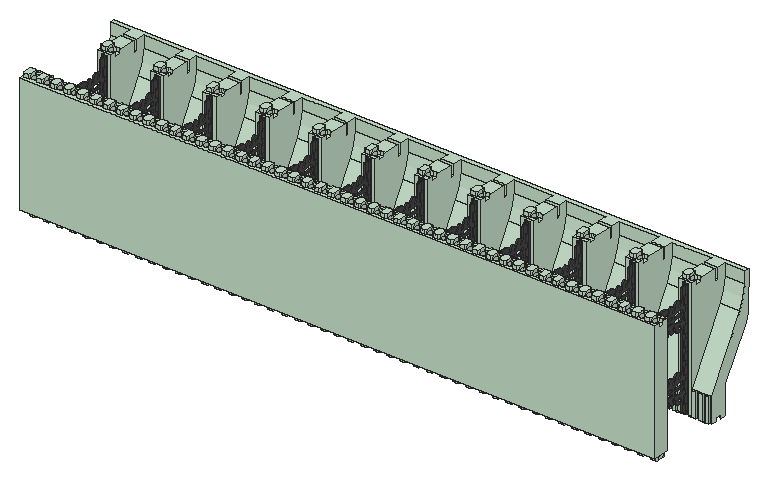
Revit family "ICF- NUDURA 8-inch- Brick Ledge Form Unit- Imperial", category Generic Models, Revit 2011
Parameters (values of type "Standard 6" Form Unit")
  Core Thickness = 0' - 6"
Reference planes (in)
  plane 1 "Center (Front/Back)": y = -1
  plane 2: z = 0
  plane 3 "Center (Left/Right)": x = 0
  plane 4: x = 96
  plane 5: y = 3
  plane 6: y = -5
  plane 7: y = 5.625
  plane 8: y = -7.625
  plane 9: z = 18
  plane 10: z = 18.5
  plane 11: z = -0.5
Forms (in)
  Extrusion 1, solid, material "NUDURA Expanded Polystyrene Foam Insulation"
    sketch origin (0, -2, 0) x (1, 0, 0) y (0, 1, 0)
      loop
        line (0.28117, -3.25) -> (0, -3.25) -> (0, -5.625) -> (96, -5.625) -> (96, -3.25) -> (95.71883, -3.25) -> (95.78117, -3) -> (95.21883, -3) -> (95.28117, -3.25) -> (94.71883, -3.25) -> (94.78117, -3) -> (94.21883, -3) -> (94.28117, -3.25) -> (93.71883, -3.25) -> (93.78117, -3) -> (93.21883, -3) -> (93.28117, -3.25) -> (90.71883, -3.25) -> (90.78117, -3) -> (90.21883, -3) -> (90.28117, -3.25) -> (89.71883, -3.25) -> (89.78117, -3) -> (89.21883, -3) -> (89.28117, -3.25) -> (88.71883, -3.25) -> (88.78117, -3) -> (88.21883, -3) -> (88.28117, -3.25) -> (87.71883, -3.25) -> (87.78117, -3) -> (87.21883, -3) -> (87.28117, -3.25) -> (86.71883, -3.25) -> (86.78117, -3) -> (86.21883, -3) -> (86.28117, -3.25) -> (85.71883, -3.25) -> (85.78117, -3) -> (85.21883, -3) -> (85.28117, -3.25) -> (82.71883, -3.25) -> (82.78117, -3) -> (82.21883, -3) -> (82.28117, -3.25) -> (81.71883, -3.25) -> (81.78117, -3) -> (81.21883, -3) -> (81.28117, -3.25) -> (80.71883, -3.25) -> (80.78117, -3) -> (80.21883, -3) -> (80.28117, -3.25) -> (79.71883, -3.25) -> (79.78117, -3) -> (79.21883, -3) -> (79.28117, -3.25) -> (78.71883, -3.25) -> (78.78117, -3) -> (78.21883, -3) -> (78.28117, -3.25) -> (77.71883, -3.25) -> (77.78117, -3) -> (77.21883, -3) -> (77.28117, -3.25) -> (74.71883, -3.25) -> (74.78117, -3) -> (74.21883, -3) -> (74.28117, -3.25) -> (73.71883, -3.25) -> (73.78117, -3) -> (73.21883, -3) -> (73.28117, -3.25) -> (72.71883, -3.25) -> (72.78117, -3) -> (72.21883, -3) -> (72.28117, -3.25) -> (71.71883, -3.25) -> (71.78117, -3) -> (71.21883, -3) -> (71.28117, -3.25) -> (70.71883, -3.25) -> (70.78117, -3) -> (70.21883, -3) -> (70.28117, -3.25) -> (69.71883, -3.25) -> (69.78117, -3) -> (69.21883, -3) -> (69.28117, -3.25) -> (66.71883, -3.25) -> (66.78117, -3) -> (66.21883, -3) -> (66.28117, -3.25) -> (65.71883, -3.25) -> (65.78117, -3) -> (65.21883, -3) -> (65.28117, -3.25) -> (64.71883, -3.25) -> (64.78117, -3) -> (64.21883, -3) -> (64.28117, -3.25) -> (63.71883, -3.25) -> (63.78117, -3) -> (63.21883, -3) -> (63.28117, -3.25) -> (62.71883, -3.25) -> (62.78117, -3) -> (62.21883, -3) -> (62.28117, -3.25) -> (61.71883, -3.25) -> (61.78117, -3) -> (61.21883, -3) -> (61.28117, -3.25) -> (58.71883, -3.25) -> (58.78117, -3) -> (58.21883, -3) -> (58.28117, -3.25) -> (57.71883, -3.25) -> (57.78117, -3) -> (57.21883, -3) -> (57.28117, -3.25) -> (56.71883, -3.25) -> (56.78117, -3) -> (56.21883, -3) -> (56.28117, -3.25) -> (55.71883, -3.25) -> (55.78117, -3) -> (55.21883, -3) -> (55.28117, -3.25) -> (54.71883, -3.25) -> (54.78117, -3) -> (54.21883, -3) -> (54.28117, -3.25) -> (53.71883, -3.25) -> (53.78117, -3) -> (53.21883, -3) -> (53.28117, -3.25) -> (50.71883, -3.25) -> (50.78117, -3) -> (50.21883, -3) -> (50.28117, -3.25) -> (49.71883, -3.25) -> (49.78117, -3) -> (49.21883, -3) -> (49.28117, -3.25) -> (48.71883, -3.25) -> (48.78117, -3) -> (48.21883, -3) -> (48.28117, -3.25) -> (47.71883, -3.25) -> (47.78117, -3) -> (47.21883, -3) -> (47.28117, -3.25) -> (46.71883, -3.25) -> (46.78117, -3) -> (46.21883, -3) -> (46.28117, -3.25) -> (45.71883, -3.25) -> (45.78117, -3) -> (45.21883, -3) -> (45.28117, -3.25) -> (42.71883, -3.25) -> (42.78117, -3) -> (42.21883, -3) -> (42.28117, -3.25) -> (41.71883, -3.25) -> (41.78117, -3) -> (41.21883, -3) -> (41.28117, -3.25) -> (40.71883, -3.25) -> (40.78117, -3) -> (40.21883, -3) -> (40.28117, -3.25) -> (39.71883, -3.25) -> (39.78117, -3) -> (39.21883, -3) -> (39.28117, -3.25) -> (38.71883, -3.25) -> (38.78117, -3) -> (38.21883, -3) -> (38.28117, -3.25) -> (37.71883, -3.25) -> (37.78117, -3) -> (37.21883, -3) -> (37.28117, -3.25) -> (34.71883, -3.25) -> (34.78117, -3) -> (34.21883, -3) -> (34.28117, -3.25) -> (33.71883, -3.25) -> (33.78117, -3) -> (33.21883, -3) -> (33.28117, -3.25) -> (32.71883, -3.25) -> (32.78117, -3) -> (32.21883, -3) -> (32.28117, -3.25) -> (31.71883, -3.25) -> (31.78117, -3) -> (31.21883, -3) -> (31.28117, -3.25) -> (30.71883, -3.25) -> (30.78117, -3) -> (30.21883, -3) -> (30.28117, -3.25) -> (29.71883, -3.25) -> (29.78117, -3) -> (29.21883, -3) -> (29.28117, -3.25) -> (26.71883, -3.25) -> (26.78117, -3) -> (26.21883, -3) -> (26.28117, -3.25) -> (25.71883, -3.25) -> (25.78117, -3) -> (25.21883, -3) -> (25.28117, -3.25) -> (24.71883, -3.25) -> (24.78117, -3) -> (24.21883, -3) -> (24.28117, -3.25) -> (23.71883, -3.25) -> (23.78117, -3) -> (23.21883, -3) -> (23.28117, -3.25) -> (22.71883, -3.25) -> (22.78117, -3) -> (22.21883, -3) -> (22.28117, -3.25) -> (21.71883, -3.25) -> (21.78117, -3) -> (21.21883, -3) -> (21.28117, -3.25) -> (18.71883, -3.25) -> (18.78117, -3) -> (18.21883, -3) -> (18.28117, -3.25) -> (17.71883, -3.25) -> (17.78117, -3) -> (17.21883, -3) -> (17.28117, -3.25) -> (16.71883, -3.25) -> (16.78117, -3) -> (16.21883, -3) -> (16.28117, -3.25) -> (15.71883, -3.25) -> (15.78117, -3) -> (15.21883, -3) -> (15.28117, -3.25) -> (14.71883, -3.25) -> (14.78117, -3) -> (14.21883, -3) -> (14.28117, -3.25) -> (13.71883, -3.25) -> (13.78117, -3) -> (13.21883, -3) -> (13.28117, -3.25) -> (10.71883, -3.25) -> (10.78117, -3) -> (10.21883, -3) -> (10.28117, -3.25) -> (9.71883, -3.25) -> (9.78117, -3) -> (9.21883, -3) -> (9.28117, -3.25) -> (8.71883, -3.25) -> (8.78117, -3) -> (8.21883, -3) -> (8.28117, -3.25) -> (7.71883, -3.25) -> (7.78117, -3) -> (7.21883, -3) -> (7.28117, -3.25) -> (6.71883, -3.25) -> (6.78117, -3) -> (6.21883, -3) -> (6.28117, -3.25) -> (5.71883, -3.25) -> (5.78117, -3) -> (5.21883, -3) -> (5.28117, -3.25) -> (2.71883, -3.25) -> (2.78117, -3) -> (2.21883, -3) -> (2.28117, -3.25) -> (1.71883, -3.25) -> (1.78117, -3) -> (1.21883, -3) -> (1.28117, -3.25) -> (0.71883, -3.25) -> (0.78117, -3) -> (0.21883, -3) -> (0.28117, -3.25)
    from 0 to 18
  Extrusion 2, void
    sketch origin (0, -2, 0) x (1, 0, 0) y (0, 1, 0)
      loop
        arc (1, -4.89808) -> (1.04785, -5.04517) -> (1.17308, -5.13595) r 0.25
        arc (1.17308, -5.13595) -> (1.5, -5.1875) -> (1.82692, -5.13595) r 1.0625
        arc (1.82692, -5.13595) -> (1.95215, -5.04517) -> (2, -4.89808) r 0.25
        line (2, -4.89808) -> (2, -3.97692)
        arc (2, -3.97692) -> (1.98276, -3.88568) -> (1.9334, -3.80702) r 0.25
        arc (1.9334, -3.80702) -> (1.92106, -3.78736) -> (1.91675, -3.76455) r 0.0625
        line (1.91675, -3.76455) -> (1.91675, -3.41845) -> (1.74592, -3.41845) -> (1.74592, -3.64005)
        arc (1.74592, -3.64005) -> (1.72385, -3.68771) -> (1.67323, -3.70172) r 0.0625
        arc (1.67323, -3.70172) -> (1.42092, -3.69045) -> (1.17308, -3.73905) r 1.0625
        arc (1.17308, -3.73905) -> (1.04785, -3.82983) -> (1, -3.97692) r 0.25
        line (1, -3.97692) -> (1, -4.89808)
    from 18 to 17.5
  Extrusion 3, void
    sketch origin (2, -2, 0) x (1, 0, 0) y (0, 1, 0)
      loop
        arc (1, -4.89808) -> (1.04785, -5.04517) -> (1.17308, -5.13595) r 0.25
        arc (1.17308, -5.13595) -> (1.5, -5.1875) -> (1.82692, -5.13595) r 1.0625
        arc (1.82692, -5.13595) -> (1.95215, -5.04517) -> (2, -4.89808) r 0.25
        line (2, -4.89808) -> (2, -3.97692)
        arc (2, -3.97692) -> (1.98276, -3.88568) -> (1.9334, -3.80702) r 0.25
        arc (1.9334, -3.80702) -> (1.92106, -3.78736) -> (1.91675, -3.76455) r 0.0625
        line (1.91675, -3.76455) -> (1.91675, -3.41845) -> (1.74592, -3.41845) -> (1.74592, -3.64005)
        arc (1.74592, -3.64005) -> (1.72385, -3.68771) -> (1.67323, -3.70172) r 0.0625
        arc (1.67323, -3.70172) -> (1.42092, -3.69045) -> (1.17308, -3.73905) r 1.0625
        arc (1.17308, -3.73905) -> (1.04785, -3.82983) -> (1, -3.97692) r 0.25
        line (1, -3.97692) -> (1, -4.89808)
    from 18 to 17.5
  Extrusion 4, void
    sketch origin (4, -2, 0) x (1, 0, 0) y (0, 1, 0)
      loop
        arc (1, -4.89808) -> (1.04785, -5.04517) -> (1.17308, -5.13595) r 0.25
        arc (1.17308, -5.13595) -> (1.5, -5.1875) -> (1.82692, -5.13595) r 1.0625
        arc (1.82692, -5.13595) -> (1.95215, -5.04517) -> (2, -4.89808) r 0.25
        line (2, -4.89808) -> (2, -3.97692)
        arc (2, -3.97692) -> (1.98276, -3.88568) -> (1.9334, -3.80702) r 0.25
        arc (1.9334, -3.80702) -> (1.92106, -3.78736) -> (1.91675, -3.76455) r 0.0625
        line (1.91675, -3.76455) -> (1.91675, -3.41845) -> (1.74592, -3.41845) -> (1.74592, -3.64005)
        arc (1.74592, -3.64005) -> (1.72385, -3.68771) -> (1.67323, -3.70172) r 0.0625
        arc (1.67323, -3.70172) -> (1.42092, -3.69045) -> (1.17308, -3.73905) r 1.0625
        arc (1.17308, -3.73905) -> (1.04785, -3.82983) -> (1, -3.97692) r 0.25
        line (1, -3.97692) -> (1, -4.89808)
    from 18 to 17.5
  Extrusion 5, void
    sketch origin (6, -2, 0) x (1, 0, 0) y (0, 1, 0)
      loop
        arc (1, -4.89808) -> (1.04785, -5.04517) -> (1.17308, -5.13595) r 0.25
        arc (1.17308, -5.13595) -> (1.5, -5.1875) -> (1.82692, -5.13595) r 1.0625
        arc (1.82692, -5.13595) -> (1.95215, -5.04517) -> (2, -4.89808) r 0.25
        line (2, -4.89808) -> (2, -3.97692)
        arc (2, -3.97692) -> (1.98276, -3.88568) -> (1.9334, -3.80702) r 0.25
        arc (1.9334, -3.80702) -> (1.92106, -3.78736) -> (1.91675, -3.76455) r 0.0625
        line (1.91675, -3.76455) -> (1.91675, -3.41845) -> (1.74592, -3.41845) -> (1.74592, -3.64005)
        arc (1.74592, -3.64005) -> (1.72385, -3.68771) -> (1.67323, -3.70172) r 0.0625
        arc (1.67323, -3.70172) -> (1.42092, -3.69045) -> (1.17308, -3.73905) r 1.0625
        arc (1.17308, -3.73905) -> (1.04785, -3.82983) -> (1, -3.97692) r 0.25
        line (1, -3.97692) -> (1, -4.89808)
    from 18 to 17.5
  Extrusion 6, void
    sketch origin (8, -2, 0) x (1, 0, 0) y (0, 1, 0)
      loop
        arc (1, -4.89808) -> (1.04785, -5.04517) -> (1.17308, -5.13595) r 0.25
        arc (1.17308, -5.13595) -> (1.5, -5.1875) -> (1.82692, -5.13595) r 1.0625
        arc (1.82692, -5.13595) -> (1.95215, -5.04517) -> (2, -4.89808) r 0.25
        line (2, -4.89808) -> (2, -3.97692)
        arc (2, -3.97692) -> (1.98276, -3.88568) -> (1.9334, -3.80702) r 0.25
        arc (1.9334, -3.80702) -> (1.92106, -3.78736) -> (1.91675, -3.76455) r 0.0625
        line (1.91675, -3.76455) -> (1.91675, -3.41845) -> (1.74592, -3.41845) -> (1.74592, -3.64005)
        arc (1.74592, -3.64005) -> (1.72385, -3.68771) -> (1.67323, -3.70172) r 0.0625
        arc (1.67323, -3.70172) -> (1.42092, -3.69045) -> (1.17308, -3.73905) r 1.0625
        arc (1.17308, -3.73905) -> (1.04785, -3.82983) -> (1, -3.97692) r 0.25
        line (1, -3.97692) -> (1, -4.89808)
    from 18 to 17.5
  Extrusion 7, void
    sketch origin (10, -2, 0) x (1, 0, 0) y (0, 1, 0)
      loop
        arc (1, -4.89808) -> (1.04785, -5.04517) -> (1.17308, -5.13595) r 0.25
        arc (1.17308, -5.13595) -> (1.5, -5.1875) -> (1.82692, -5.13595) r 1.0625
        arc (1.82692, -5.13595) -> (1.95215, -5.04517) -> (2, -4.89808) r 0.25
        line (2, -4.89808) -> (2, -3.97692)
        arc (2, -3.97692) -> (1.98276, -3.88568) -> (1.9334, -3.80702) r 0.25
        arc (1.9334, -3.80702) -> (1.92106, -3.78736) -> (1.91675, -3.76455) r 0.0625
        line (1.91675, -3.76455) -> (1.91675, -3.41845) -> (1.74592, -3.41845) -> (1.74592, -3.64005)
        arc (1.74592, -3.64005) -> (1.72385, -3.68771) -> (1.67323, -3.70172) r 0.0625
        arc (1.67323, -3.70172) -> (1.42092, -3.69045) -> (1.17308, -3.73905) r 1.0625
        arc (1.17308, -3.73905) -> (1.04785, -3.82983) -> (1, -3.97692) r 0.25
        line (1, -3.97692) -> (1, -4.89808)
    from 18 to 17.5
  Extrusion 8, void
    sketch origin (12, -2, 0) x (1, 0, 0) y (0, 1, 0)
      loop
        arc (1, -4.89808) -> (1.04785, -5.04517) -> (1.17308, -5.13595) r 0.25
        arc (1.17308, -5.13595) -> (1.5, -5.1875) -> (1.82692, -5.13595) r 1.0625
        arc (1.82692, -5.13595) -> (1.95215, -5.04517) -> (2, -4.89808) r 0.25
        line (2, -4.89808) -> (2, -3.97692)
        arc (2, -3.97692) -> (1.98276, -3.88568) -> (1.9334, -3.80702) r 0.25
        arc (1.9334, -3.80702) -> (1.92106, -3.78736) -> (1.91675, -3.76455) r 0.0625
        line (1.91675, -3.76455) -> (1.91675, -3.41845) -> (1.74592, -3.41845) -> (1.74592, -3.64005)
        arc (1.74592, -3.64005) -> (1.72385, -3.68771) -> (1.67323, -3.70172) r 0.0625
        arc (1.67323, -3.70172) -> (1.42092, -3.69045) -> (1.17308, -3.73905) r 1.0625
        arc (1.17308, -3.73905) -> (1.04785, -3.82983) -> (1, -3.97692) r 0.25
        line (1, -3.97692) -> (1, -4.89808)
    from 18 to 17.5
  Extrusion 9, void
    sketch origin (14, -2, 0) x (1, 0, 0) y (0, 1, 0)
      loop
        arc (1, -4.89808) -> (1.04785, -5.04517) -> (1.17308, -5.13595) r 0.25
        arc (1.17308, -5.13595) -> (1.5, -5.1875) -> (1.82692, -5.13595) r 1.0625
        arc (1.82692, -5.13595) -> (1.95215, -5.04517) -> (2, -4.89808) r 0.25
        line (2, -4.89808) -> (2, -3.97692)
        arc (2, -3.97692) -> (1.98276, -3.88568) -> (1.9334, -3.80702) r 0.25
        arc (1.9334, -3.80702) -> (1.92106, -3.78736) -> (1.91675, -3.76455) r 0.0625
        line (1.91675, -3.76455) -> (1.91675, -3.41845) -> (1.74592, -3.41845) -> (1.74592, -3.64005)
        arc (1.74592, -3.64005) -> (1.72385, -3.68771) -> (1.67323, -3.70172) r 0.0625
        arc (1.67323, -3.70172) -> (1.42092, -3.69045) -> (1.17308, -3.73905) r 1.0625
        arc (1.17308, -3.73905) -> (1.04785, -3.82983) -> (1, -3.97692) r 0.25
        line (1, -3.97692) -> (1, -4.89808)
    from 18 to 17.5
  Extrusion 10, void
    sketch origin (16, -2, 0) x (1, 0, 0) y (0, 1, 0)
      loop
        arc (1, -4.89808) -> (1.04785, -5.04517) -> (1.17308, -5.13595) r 0.25
        arc (1.17308, -5.13595) -> (1.5, -5.1875) -> (1.82692, -5.13595) r 1.0625
        arc (1.82692, -5.13595) -> (1.95215, -5.04517) -> (2, -4.89808) r 0.25
        line (2, -4.89808) -> (2, -3.97692)
        arc (2, -3.97692) -> (1.98276, -3.88568) -> (1.9334, -3.80702) r 0.25
        arc (1.9334, -3.80702) -> (1.92106, -3.78736) -> (1.91675, -3.76455) r 0.0625
        line (1.91675, -3.76455) -> (1.91675, -3.41845) -> (1.74592, -3.41845) -> (1.74592, -3.64005)
        arc (1.74592, -3.64005) -> (1.72385, -3.68771) -> (1.67323, -3.70172) r 0.0625
        arc (1.67323, -3.70172) -> (1.42092, -3.69045) -> (1.17308, -3.73905) r 1.0625
        arc (1.17308, -3.73905) -> (1.04785, -3.82983) -> (1, -3.97692) r 0.25
        line (1, -3.97692) -> (1, -4.89808)
    from 18 to 17.5
  Extrusion 11, void
    sketch origin (18, -2, 0) x (1, 0, 0) y (0, 1, 0)
      loop
        arc (1, -4.89808) -> (1.04785, -5.04517) -> (1.17308, -5.13595) r 0.25
        arc (1.17308, -5.13595) -> (1.5, -5.1875) -> (1.82692, -5.13595) r 1.0625
        arc (1.82692, -5.13595) -> (1.95215, -5.04517) -> (2, -4.89808) r 0.25
        line (2, -4.89808) -> (2, -3.97692)
        arc (2, -3.97692) -> (1.98276, -3.88568) -> (1.9334, -3.80702) r 0.25
        arc (1.9334, -3.80702) -> (1.92106, -3.78736) -> (1.91675, -3.76455) r 0.0625
        line (1.91675, -3.76455) -> (1.91675, -3.41845) -> (1.74592, -3.41845) -> (1.74592, -3.64005)
        arc (1.74592, -3.64005) -> (1.72385, -3.68771) -> (1.67323, -3.70172) r 0.0625
        arc (1.67323, -3.70172) -> (1.42092, -3.69045) -> (1.17308, -3.73905) r 1.0625
        arc (1.17308, -3.73905) -> (1.04785, -3.82983) -> (1, -3.97692) r 0.25
        line (1, -3.97692) -> (1, -4.89808)
    from 18 to 17.5
  Extrusion 12, void
    sketch origin (20, -2, 0) x (1, 0, 0) y (0, 1, 0)
      loop
        arc (1, -4.89808) -> (1.04785, -5.04517) -> (1.17308, -5.13595) r 0.25
        arc (1.17308, -5.13595) -> (1.5, -5.1875) -> (1.82692, -5.13595) r 1.0625
        arc (1.82692, -5.13595) -> (1.95215, -5.04517) -> (2, -4.89808) r 0.25
        line (2, -4.89808) -> (2, -3.97692)
        arc (2, -3.97692) -> (1.98276, -3.88568) -> (1.9334, -3.80702) r 0.25
        arc (1.9334, -3.80702) -> (1.92106, -3.78736) -> (1.91675, -3.76455) r 0.0625
        line (1.91675, -3.76455) -> (1.91675, -3.41845) -> (1.74592, -3.41845) -> (1.74592, -3.64005)
        arc (1.74592, -3.64005) -> (1.72385, -3.68771) -> (1.67323, -3.70172) r 0.0625
        arc (1.67323, -3.70172) -> (1.42092, -3.69045) -> (1.17308, -3.73905) r 1.0625
        arc (1.17308, -3.73905) -> (1.04785, -3.82983) -> (1, -3.97692) r 0.25
        line (1, -3.97692) -> (1, -4.89808)
    from 18 to 17.5
  Extrusion 13, void
    sketch origin (22, -2, 0) x (1, 0, 0) y (0, 1, 0)
      loop
        arc (1, -4.89808) -> (1.04785, -5.04517) -> (1.17308, -5.13595) r 0.25
        arc (1.17308, -5.13595) -> (1.5, -5.1875) -> (1.82692, -5.13595) r 1.0625
        arc (1.82692, -5.13595) -> (1.95215, -5.04517) -> (2, -4.89808) r 0.25
        line (2, -4.89808) -> (2, -3.97692)
        arc (2, -3.97692) -> (1.98276, -3.88568) -> (1.9334, -3.80702) r 0.25
        arc (1.9334, -3.80702) -> (1.92106, -3.78736) -> (1.91675, -3.76455) r 0.0625
        line (1.91675, -3.76455) -> (1.91675, -3.41845) -> (1.74592, -3.41845) -> (1.74592, -3.64005)
        arc (1.74592, -3.64005) -> (1.72385, -3.68771) -> (1.67323, -3.70172) r 0.0625
        arc (1.67323, -3.70172) -> (1.42092, -3.69045) -> (1.17308, -3.73905) r 1.0625
        arc (1.17308, -3.73905) -> (1.04785, -3.82983) -> (1, -3.97692) r 0.25
        line (1, -3.97692) -> (1, -4.89808)
    from 18 to 17.5
  Extrusion 14, void
    sketch origin (24, -2, 0) x (1, 0, 0) y (0, 1, 0)
      loop
        arc (1, -4.89808) -> (1.04785, -5.04517) -> (1.17308, -5.13595) r 0.25
        arc (1.17308, -5.13595) -> (1.5, -5.1875) -> (1.82692, -5.13595) r 1.0625
        arc (1.82692, -5.13595) -> (1.95215, -5.04517) -> (2, -4.89808) r 0.25
        line (2, -4.89808) -> (2, -3.97692)
        arc (2, -3.97692) -> (1.98276, -3.88568) -> (1.9334, -3.80702) r 0.25
        arc (1.9334, -3.80702) -> (1.92106, -3.78736) -> (1.91675, -3.76455) r 0.0625
        line (1.91675, -3.76455) -> (1.91675, -3.41845) -> (1.74592, -3.41845) -> (1.74592, -3.64005)
        arc (1.74592, -3.64005) -> (1.72385, -3.68771) -> (1.67323, -3.70172) r 0.0625
        arc (1.67323, -3.70172) -> (1.42092, -3.69045) -> (1.17308, -3.73905) r 1.0625
        arc (1.17308, -3.73905) -> (1.04785, -3.82983) -> (1, -3.97692) r 0.25
        line (1, -3.97692) -> (1, -4.89808)
    from 18 to 17.5
  Extrusion 15, void
    sketch origin (26, -2, 0) x (1, 0, 0) y (0, 1, 0)
      loop
        arc (1, -4.89808) -> (1.04785, -5.04517) -> (1.17308, -5.13595) r 0.25
        arc (1.17308, -5.13595) -> (1.5, -5.1875) -> (1.82692, -5.13595) r 1.0625
        arc (1.82692, -5.13595) -> (1.95215, -5.04517) -> (2, -4.89808) r 0.25
        line (2, -4.89808) -> (2, -3.97692)
        arc (2, -3.97692) -> (1.98276, -3.88568) -> (1.9334, -3.80702) r 0.25
        arc (1.9334, -3.80702) -> (1.92106, -3.78736) -> (1.91675, -3.76455) r 0.0625
        line (1.91675, -3.76455) -> (1.91675, -3.41845) -> (1.74592, -3.41845) -> (1.74592, -3.64005)
        arc (1.74592, -3.64005) -> (1.72385, -3.68771) -> (1.67323, -3.70172) r 0.0625
        arc (1.67323, -3.70172) -> (1.42092, -3.69045) -> (1.17308, -3.73905) r 1.0625
        arc (1.17308, -3.73905) -> (1.04785, -3.82983) -> (1, -3.97692) r 0.25
        line (1, -3.97692) -> (1, -4.89808)
    from 18 to 17.5
  Extrusion 16, void
    sketch origin (28, -2, 0) x (1, 0, 0) y (0, 1, 0)
      loop
        arc (1, -4.89808) -> (1.04785, -5.04517) -> (1.17308, -5.13595) r 0.25
        arc (1.17308, -5.13595) -> (1.5, -5.1875) -> (1.82692, -5.13595) r 1.0625
        arc (1.82692, -5.13595) -> (1.95215, -5.04517) -> (2, -4.89808) r 0.25
        line (2, -4.89808) -> (2, -3.97692)
        arc (2, -3.97692) -> (1.98276, -3.88568) -> (1.9334, -3.80702) r 0.25
        arc (1.9334, -3.80702) -> (1.92106, -3.78736) -> (1.91675, -3.76455) r 0.0625
        line (1.91675, -3.76455) -> (1.91675, -3.41845) -> (1.74592, -3.41845) -> (1.74592, -3.64005)
        arc (1.74592, -3.64005) -> (1.72385, -3.68771) -> (1.67323, -3.70172) r 0.0625
        arc (1.67323, -3.70172) -> (1.42092, -3.69045) -> (1.17308, -3.73905) r 1.0625
        arc (1.17308, -3.73905) -> (1.04785, -3.82983) -> (1, -3.97692) r 0.25
        line (1, -3.97692) -> (1, -4.89808)
    from 18 to 17.5
  Extrusion 17, void
    sketch origin (30, -2, 0) x (1, 0, 0) y (0, 1, 0)
      loop
        arc (1, -4.89808) -> (1.04785, -5.04517) -> (1.17308, -5.13595) r 0.25
        arc (1.17308, -5.13595) -> (1.5, -5.1875) -> (1.82692, -5.13595) r 1.0625
        arc (1.82692, -5.13595) -> (1.95215, -5.04517) -> (2, -4.89808) r 0.25
        line (2, -4.89808) -> (2, -3.97692)
        arc (2, -3.97692) -> (1.98276, -3.88568) -> (1.9334, -3.80702) r 0.25
        arc (1.9334, -3.80702) -> (1.92106, -3.78736) -> (1.91675, -3.76455) r 0.0625
        line (1.91675, -3.76455) -> (1.91675, -3.41845) -> (1.74592, -3.41845) -> (1.74592, -3.64005)
        arc (1.74592, -3.64005) -> (1.72385, -3.68771) -> (1.67323, -3.70172) r 0.0625
        arc (1.67323, -3.70172) -> (1.42092, -3.69045) -> (1.17308, -3.73905) r 1.0625
        arc (1.17308, -3.73905) -> (1.04785, -3.82983) -> (1, -3.97692) r 0.25
        line (1, -3.97692) -> (1, -4.89808)
    from 18 to 17.5
  Extrusion 18, void
    sketch origin (32, -2, 0) x (1, 0, 0) y (0, 1, 0)
      loop
        arc (1, -4.89808) -> (1.04785, -5.04517) -> (1.17308, -5.13595) r 0.25
        arc (1.17308, -5.13595) -> (1.5, -5.1875) -> (1.82692, -5.13595) r 1.0625
        arc (1.82692, -5.13595) -> (1.95215, -5.04517) -> (2, -4.89808) r 0.25
        line (2, -4.89808) -> (2, -3.97692)
        arc (2, -3.97692) -> (1.98276, -3.88568) -> (1.9334, -3.80702) r 0.25
        arc (1.9334, -3.80702) -> (1.92106, -3.78736) -> (1.91675, -3.76455) r 0.0625
        line (1.91675, -3.76455) -> (1.91675, -3.41845) -> (1.74592, -3.41845) -> (1.74592, -3.64005)
        arc (1.74592, -3.64005) -> (1.72385, -3.68771) -> (1.67323, -3.70172) r 0.0625
        arc (1.67323, -3.70172) -> (1.42092, -3.69045) -> (1.17308, -3.73905) r 1.0625
        arc (1.17308, -3.73905) -> (1.04785, -3.82983) -> (1, -3.97692) r 0.25
        line (1, -3.97692) -> (1, -4.89808)
    from 18 to 17.5
  Extrusion 19, void
    sketch origin (34, -2, 0) x (1, 0, 0) y (0, 1, 0)
      loop
        arc (1, -4.89808) -> (1.04785, -5.04517) -> (1.17308, -5.13595) r 0.25
        arc (1.17308, -5.13595) -> (1.5, -5.1875) -> (1.82692, -5.13595) r 1.0625
        arc (1.82692, -5.13595) -> (1.95215, -5.04517) -> (2, -4.89808) r 0.25
        line (2, -4.89808) -> (2, -3.97692)
        arc (2, -3.97692) -> (1.98276, -3.88568) -> (1.9334, -3.80702) r 0.25
        arc (1.9334, -3.80702) -> (1.92106, -3.78736) -> (1.91675, -3.76455) r 0.0625
        line (1.91675, -3.76455) -> (1.91675, -3.41845) -> (1.74592, -3.41845) -> (1.74592, -3.64005)
        arc (1.74592, -3.64005) -> (1.72385, -3.68771) -> (1.67323, -3.70172) r 0.0625
        arc (1.67323, -3.70172) -> (1.42092, -3.69045) -> (1.17308, -3.73905) r 1.0625
        arc (1.17308, -3.73905) -> (1.04785, -3.82983) -> (1, -3.97692) r 0.25
        line (1, -3.97692) -> (1, -4.89808)
    from 18 to 17.5
  Extrusion 20, void
    sketch origin (36, -2, 0) x (1, 0, 0) y (0, 1, 0)
      loop
        arc (1, -4.89808) -> (1.04785, -5.04517) -> (1.17308, -5.13595) r 0.25
        arc (1.17308, -5.13595) -> (1.5, -5.1875) -> (1.82692, -5.13595) r 1.0625
        arc (1.82692, -5.13595) -> (1.95215, -5.04517) -> (2, -4.89808) r 0.25
        line (2, -4.89808) -> (2, -3.97692)
        arc (2, -3.97692) -> (1.98276, -3.88568) -> (1.9334, -3.80702) r 0.25
        arc (1.9334, -3.80702) -> (1.92106, -3.78736) -> (1.91675, -3.76455) r 0.0625
        line (1.91675, -3.76455) -> (1.91675, -3.41845) -> (1.74592, -3.41845) -> (1.74592, -3.64005)
        arc (1.74592, -3.64005) -> (1.72385, -3.68771) -> (1.67323, -3.70172) r 0.0625
        arc (1.67323, -3.70172) -> (1.42092, -3.69045) -> (1.17308, -3.73905) r 1.0625
        arc (1.17308, -3.73905) -> (1.04785, -3.82983) -> (1, -3.97692) r 0.25
        line (1, -3.97692) -> (1, -4.89808)
    from 18 to 17.5
  Extrusion 21, void
    sketch origin (38, -2, 0) x (1, 0, 0) y (0, 1, 0)
      loop
        arc (1, -4.89808) -> (1.04785, -5.04517) -> (1.17308, -5.13595) r 0.25
        arc (1.17308, -5.13595) -> (1.5, -5.1875) -> (1.82692, -5.13595) r 1.0625
        arc (1.82692, -5.13595) -> (1.95215, -5.04517) -> (2, -4.89808) r 0.25
        line (2, -4.89808) -> (2, -3.97692)
        arc (2, -3.97692) -> (1.98276, -3.88568) -> (1.9334, -3.80702) r 0.25
        arc (1.9334, -3.80702) -> (1.92106, -3.78736) -> (1.91675, -3.76455) r 0.0625
        line (1.91675, -3.76455) -> (1.91675, -3.41845) -> (1.74592, -3.41845) -> (1.74592, -3.64005)
        arc (1.74592, -3.64005) -> (1.72385, -3.68771) -> (1.67323, -3.70172) r 0.0625
        arc (1.67323, -3.70172) -> (1.42092, -3.69045) -> (1.17308, -3.73905) r 1.0625
        arc (1.17308, -3.73905) -> (1.04785, -3.82983) -> (1, -3.97692) r 0.25
        line (1, -3.97692) -> (1, -4.89808)
    from 18 to 17.5
  Extrusion 22, void
    sketch origin (40, -2, 0) x (1, 0, 0) y (0, 1, 0)
      loop
        arc (1, -4.89808) -> (1.04785, -5.04517) -> (1.17308, -5.13595) r 0.25
        arc (1.17308, -5.13595) -> (1.5, -5.1875) -> (1.82692, -5.13595) r 1.0625
        arc (1.82692, -5.13595) -> (1.95215, -5.04517) -> (2, -4.89808) r 0.25
        line (2, -4.89808) -> (2, -3.97692)
        arc (2, -3.97692) -> (1.98276, -3.88568) -> (1.9334, -3.80702) r 0.25
        arc (1.9334, -3.80702) -> (1.92106, -3.78736) -> (1.91675, -3.76455) r 0.0625
        line (1.91675, -3.76455) -> (1.91675, -3.41845) -> (1.74592, -3.41845) -> (1.74592, -3.64005)
        arc (1.74592, -3.64005) -> (1.72385, -3.68771) -> (1.67323, -3.70172) r 0.0625
        arc (1.67323, -3.70172) -> (1.42092, -3.69045) -> (1.17308, -3.73905) r 1.0625
        arc (1.17308, -3.73905) -> (1.04785, -3.82983) -> (1, -3.97692) r 0.25
        line (1, -3.97692) -> (1, -4.89808)
    from 18 to 17.5
  Extrusion 23, void
    sketch origin (42, -2, 0) x (1, 0, 0) y (0, 1, 0)
      loop
        arc (1, -4.89808) -> (1.04785, -5.04517) -> (1.17308, -5.13595) r 0.25
        arc (1.17308, -5.13595) -> (1.5, -5.1875) -> (1.82692, -5.13595) r 1.0625
        arc (1.82692, -5.13595) -> (1.95215, -5.04517) -> (2, -4.89808) r 0.25
        line (2, -4.89808) -> (2, -3.97692)
        arc (2, -3.97692) -> (1.98276, -3.88568) -> (1.9334, -3.80702) r 0.25
        arc (1.9334, -3.80702) -> (1.92106, -3.78736) -> (1.91675, -3.76455) r 0.0625
        line (1.91675, -3.76455) -> (1.91675, -3.41845) -> (1.74592, -3.41845) -> (1.74592, -3.64005)
        arc (1.74592, -3.64005) -> (1.72385, -3.68771) -> (1.67323, -3.70172) r 0.0625
        arc (1.67323, -3.70172) -> (1.42092, -3.69045) -> (1.17308, -3.73905) r 1.0625
        arc (1.17308, -3.73905) -> (1.04785, -3.82983) -> (1, -3.97692) r 0.25
        line (1, -3.97692) -> (1, -4.89808)
    from 18 to 17.5
  Extrusion 24, void
    sketch origin (44, -2, 0) x (1, 0, 0) y (0, 1, 0)
      loop
        arc (1, -4.89808) -> (1.04785, -5.04517) -> (1.17308, -5.13595) r 0.25
        arc (1.17308, -5.13595) -> (1.5, -5.1875) -> (1.82692, -5.13595) r 1.0625
        arc (1.82692, -5.13595) -> (1.95215, -5.04517) -> (2, -4.89808) r 0.25
        line (2, -4.89808) -> (2, -3.97692)
        arc (2, -3.97692) -> (1.98276, -3.88568) -> (1.9334, -3.80702) r 0.25
        arc (1.9334, -3.80702) -> (1.92106, -3.78736) -> (1.91675, -3.76455) r 0.0625
        line (1.91675, -3.76455) -> (1.91675, -3.41845) -> (1.74592, -3.41845) -> (1.74592, -3.64005)
        arc (1.74592, -3.64005) -> (1.72385, -3.68771) -> (1.67323, -3.70172) r 0.0625
        arc (1.67323, -3.70172) -> (1.42092, -3.69045) -> (1.17308, -3.73905) r 1.0625
        arc (1.17308, -3.73905) -> (1.04785, -3.82983) -> (1, -3.97692) r 0.25
        line (1, -3.97692) -> (1, -4.89808)
    from 18 to 17.5
  Extrusion 25, void
    sketch origin (46, -2, 0) x (1, 0, 0) y (0, 1, 0)
      loop
        arc (1, -4.89808) -> (1.04785, -5.04517) -> (1.17308, -5.13595) r 0.25
        arc (1.17308, -5.13595) -> (1.5, -5.1875) -> (1.82692, -5.13595) r 1.0625
        arc (1.82692, -5.13595) -> (1.95215, -5.04517) -> (2, -4.89808) r 0.25
        line (2, -4.89808) -> (2, -3.97692)
        arc (2, -3.97692) -> (1.98276, -3.88568) -> (1.9334, -3.80702) r 0.25
        arc (1.9334, -3.80702) -> (1.92106, -3.78736) -> (1.91675, -3.76455) r 0.0625
        line (1.91675, -3.76455) -> (1.91675, -3.41845) -> (1.74592, -3.41845) -> (1.74592, -3.64005)
        arc (1.74592, -3.64005) -> (1.72385, -3.68771) -> (1.67323, -3.70172) r 0.0625
        arc (1.67323, -3.70172) -> (1.42092, -3.69045) -> (1.17308, -3.73905) r 1.0625
        arc (1.17308, -3.73905) -> (1.04785, -3.82983) -> (1, -3.97692) r 0.25
        line (1, -3.97692) -> (1, -4.89808)
    from 18 to 17.5
  Extrusion 26, void
    sketch origin (48, -2, 0) x (1, 0, 0) y (0, 1, 0)
      loop
        arc (1, -4.89808) -> (1.04785, -5.04517) -> (1.17308, -5.13595) r 0.25
        arc (1.17308, -5.13595) -> (1.5, -5.1875) -> (1.82692, -5.13595) r 1.0625
        arc (1.82692, -5.13595) -> (1.95215, -5.04517) -> (2, -4.89808) r 0.25
        line (2, -4.89808) -> (2, -3.97692)
        arc (2, -3.97692) -> (1.98276, -3.88568) -> (1.9334, -3.80702) r 0.25
        arc (1.9334, -3.80702) -> (1.92106, -3.78736) -> (1.91675, -3.76455) r 0.0625
        line (1.91675, -3.76455) -> (1.91675, -3.41845) -> (1.74592, -3.41845) -> (1.74592, -3.64005)
        arc (1.74592, -3.64005) -> (1.72385, -3.68771) -> (1.67323, -3.70172) r 0.0625
        arc (1.67323, -3.70172) -> (1.42092, -3.69045) -> (1.17308, -3.73905) r 1.0625
        arc (1.17308, -3.73905) -> (1.04785, -3.82983) -> (1, -3.97692) r 0.25
        line (1, -3.97692) -> (1, -4.89808)
    from 18 to 17.5
  Extrusion 27, void
    sketch origin (50, -2, 0) x (1, 0, 0) y (0, 1, 0)
      loop
        arc (1, -4.89808) -> (1.04785, -5.04517) -> (1.17308, -5.13595) r 0.25
        arc (1.17308, -5.13595) -> (1.5, -5.1875) -> (1.82692, -5.13595) r 1.0625
        arc (1.82692, -5.13595) -> (1.95215, -5.04517) -> (2, -4.89808) r 0.25
        line (2, -4.89808) -> (2, -3.97692)
        arc (2, -3.97692) -> (1.98276, -3.88568) -> (1.9334, -3.80702) r 0.25
        arc (1.9334, -3.80702) -> (1.92106, -3.78736) -> (1.91675, -3.76455) r 0.0625
        line (1.91675, -3.76455) -> (1.91675, -3.41845) -> (1.74592, -3.41845) -> (1.74592, -3.64005)
        arc (1.74592, -3.64005) -> (1.72385, -3.68771) -> (1.67323, -3.70172) r 0.0625
        arc (1.67323, -3.70172) -> (1.42092, -3.69045) -> (1.17308, -3.73905) r 1.0625
        arc (1.17308, -3.73905) -> (1.04785, -3.82983) -> (1, -3.97692) r 0.25
        line (1, -3.97692) -> (1, -4.89808)
    from 18 to 17.5
  Extrusion 28, void
    sketch origin (52, -2, 0) x (1, 0, 0) y (0, 1, 0)
      loop
        arc (1, -4.89808) -> (1.04785, -5.04517) -> (1.17308, -5.13595) r 0.25
        arc (1.17308, -5.13595) -> (1.5, -5.1875) -> (1.82692, -5.13595) r 1.0625
        arc (1.82692, -5.13595) -> (1.95215, -5.04517) -> (2, -4.89808) r 0.25
        line (2, -4.89808) -> (2, -3.97692)
        arc (2, -3.97692) -> (1.98276, -3.88568) -> (1.9334, -3.80702) r 0.25
        arc (1.9334, -3.80702) -> (1.92106, -3.78736) -> (1.91675, -3.76455) r 0.0625
        line (1.91675, -3.76455) -> (1.91675, -3.41845) -> (1.74592, -3.41845) -> (1.74592, -3.64005)
        arc (1.74592, -3.64005) -> (1.72385, -3.68771) -> (1.67323, -3.70172) r 0.0625
        arc (1.67323, -3.70172) -> (1.42092, -3.69045) -> (1.17308, -3.73905) r 1.0625
        arc (1.17308, -3.73905) -> (1.04785, -3.82983) -> (1, -3.97692) r 0.25
        line (1, -3.97692) -> (1, -4.89808)
    from 18 to 17.5
  Extrusion 29, void
    sketch origin (54, -2, 0) x (1, 0, 0) y (0, 1, 0)
      loop
        arc (1, -4.89808) -> (1.04785, -5.04517) -> (1.17308, -5.13595) r 0.25
        arc (1.17308, -5.13595) -> (1.5, -5.1875) -> (1.82692, -5.13595) r 1.0625
        arc (1.82692, -5.13595) -> (1.95215, -5.04517) -> (2, -4.89808) r 0.25
        line (2, -4.89808) -> (2, -3.97692)
        arc (2, -3.97692) -> (1.98276, -3.88568) -> (1.9334, -3.80702) r 0.25
        arc (1.9334, -3.80702) -> (1.92106, -3.78736) -> (1.91675, -3.76455) r 0.0625
        line (1.91675, -3.76455) -> (1.91675, -3.41845) -> (1.74592, -3.41845) -> (1.74592, -3.64005)
        arc (1.74592, -3.64005) -> (1.72385, -3.68771) -> (1.67323, -3.70172) r 0.0625
        arc (1.67323, -3.70172) -> (1.42092, -3.69045) -> (1.17308, -3.73905) r 1.0625
        arc (1.17308, -3.73905) -> (1.04785, -3.82983) -> (1, -3.97692) r 0.25
        line (1, -3.97692) -> (1, -4.89808)
    from 18 to 17.5
  Extrusion 30, void
    sketch origin (56, -2, 0) x (1, 0, 0) y (0, 1, 0)
      loop
        arc (1, -4.89808) -> (1.04785, -5.04517) -> (1.17308, -5.13595) r 0.25
        arc (1.17308, -5.13595) -> (1.5, -5.1875) -> (1.82692, -5.13595) r 1.0625
        arc (1.82692, -5.13595) -> (1.95215, -5.04517) -> (2, -4.89808) r 0.25
        line (2, -4.89808) -> (2, -3.97692)
        arc (2, -3.97692) -> (1.98276, -3.88568) -> (1.9334, -3.80702) r 0.25
        arc (1.9334, -3.80702) -> (1.92106, -3.78736) -> (1.91675, -3.76455) r 0.0625
        line (1.91675, -3.76455) -> (1.91675, -3.41845) -> (1.74592, -3.41845) -> (1.74592, -3.64005)
        arc (1.74592, -3.64005) -> (1.72385, -3.68771) -> (1.67323, -3.70172) r 0.0625
        arc (1.67323, -3.70172) -> (1.42092, -3.69045) -> (1.17308, -3.73905) r 1.0625
        arc (1.17308, -3.73905) -> (1.04785, -3.82983) -> (1, -3.97692) r 0.25
        line (1, -3.97692) -> (1, -4.89808)
    from 18 to 17.5
  Extrusion 31, void
    sketch origin (58, -2, 0) x (1, 0, 0) y (0, 1, 0)
      loop
        arc (1, -4.89808) -> (1.04785, -5.04517) -> (1.17308, -5.13595) r 0.25
        arc (1.17308, -5.13595) -> (1.5, -5.1875) -> (1.82692, -5.13595) r 1.0625
        arc (1.82692, -5.13595) -> (1.95215, -5.04517) -> (2, -4.89808) r 0.25
        line (2, -4.89808) -> (2, -3.97692)
        arc (2, -3.97692) -> (1.98276, -3.88568) -> (1.9334, -3.80702) r 0.25
        arc (1.9334, -3.80702) -> (1.92106, -3.78736) -> (1.91675, -3.76455) r 0.0625
        line (1.91675, -3.76455) -> (1.91675, -3.41845) -> (1.74592, -3.41845) -> (1.74592, -3.64005)
        arc (1.74592, -3.64005) -> (1.72385, -3.68771) -> (1.67323, -3.70172) r 0.0625
        arc (1.67323, -3.70172) -> (1.42092, -3.69045) -> (1.17308, -3.73905) r 1.0625
        arc (1.17308, -3.73905) -> (1.04785, -3.82983) -> (1, -3.97692) r 0.25
        line (1, -3.97692) -> (1, -4.89808)
    from 18 to 17.5
  Extrusion 32, void
    sketch origin (60, -2, 0) x (1, 0, 0) y (0, 1, 0)
      loop
        arc (1, -4.89808) -> (1.04785, -5.04517) -> (1.17308, -5.13595) r 0.25
        arc (1.17308, -5.13595) -> (1.5, -5.1875) -> (1.82692, -5.13595) r 1.0625
        arc (1.82692, -5.13595) -> (1.95215, -5.04517) -> (2, -4.89808) r 0.25
        line (2, -4.89808) -> (2, -3.97692)
        arc (2, -3.97692) -> (1.98276, -3.88568) -> (1.9334, -3.80702) r 0.25
        arc (1.9334, -3.80702) -> (1.92106, -3.78736) -> (1.91675, -3.76455) r 0.0625
        line (1.91675, -3.76455) -> (1.91675, -3.41845) -> (1.74592, -3.41845) -> (1.74592, -3.64005)
        arc (1.74592, -3.64005) -> (1.72385, -3.68771) -> (1.67323, -3.70172) r 0.0625
        arc (1.67323, -3.70172) -> (1.42092, -3.69045) -> (1.17308, -3.73905) r 1.0625
        arc (1.17308, -3.73905) -> (1.04785, -3.82983) -> (1, -3.97692) r 0.25
        line (1, -3.97692) -> (1, -4.89808)
    from 18 to 17.5
  Extrusion 33, void
    sketch origin (62, -2, 0) x (1, 0, 0) y (0, 1, 0)
      loop
        arc (1, -4.89808) -> (1.04785, -5.04517) -> (1.17308, -5.13595) r 0.25
        arc (1.17308, -5.13595) -> (1.5, -5.1875) -> (1.82692, -5.13595) r 1.0625
        arc (1.82692, -5.13595) -> (1.95215, -5.04517) -> (2, -4.89808) r 0.25
        line (2, -4.89808) -> (2, -3.97692)
        arc (2, -3.97692) -> (1.98276, -3.88568) -> (1.9334, -3.80702) r 0.25
        arc (1.9334, -3.80702) -> (1.92106, -3.78736) -> (1.91675, -3.76455) r 0.0625
        line (1.91675, -3.76455) -> (1.91675, -3.41845) -> (1.74592, -3.41845) -> (1.74592, -3.64005)
        arc (1.74592, -3.64005) -> (1.72385, -3.68771) -> (1.67323, -3.70172) r 0.0625
        arc (1.67323, -3.70172) -> (1.42092, -3.69045) -> (1.17308, -3.73905) r 1.0625
        arc (1.17308, -3.73905) -> (1.04785, -3.82983) -> (1, -3.97692) r 0.25
        line (1, -3.97692) -> (1, -4.89808)
    from 18 to 17.5
  Extrusion 34, void
    sketch origin (64, -2, 0) x (1, 0, 0) y (0, 1, 0)
      loop
        arc (1, -4.89808) -> (1.04785, -5.04517) -> (1.17308, -5.13595) r 0.25
        arc (1.17308, -5.13595) -> (1.5, -5.1875) -> (1.82692, -5.13595) r 1.0625
        arc (1.82692, -5.13595) -> (1.95215, -5.04517) -> (2, -4.89808) r 0.25
        line (2, -4.89808) -> (2, -3.97692)
        arc (2, -3.97692) -> (1.98276, -3.88568) -> (1.9334, -3.80702) r 0.25
        arc (1.9334, -3.80702) -> (1.92106, -3.78736) -> (1.91675, -3.76455) r 0.0625
        line (1.91675, -3.76455) -> (1.91675, -3.41845) -> (1.74592, -3.41845) -> (1.74592, -3.64005)
        arc (1.74592, -3.64005) -> (1.72385, -3.68771) -> (1.67323, -3.70172) r 0.0625
        arc (1.67323, -3.70172) -> (1.42092, -3.69045) -> (1.17308, -3.73905) r 1.0625
        arc (1.17308, -3.73905) -> (1.04785, -3.82983) -> (1, -3.97692) r 0.25
        line (1, -3.97692) -> (1, -4.89808)
    from 18 to 17.5
  Extrusion 35, void
    sketch origin (66, -2, 0) x (1, 0, 0) y (0, 1, 0)
      loop
        arc (1, -4.89808) -> (1.04785, -5.04517) -> (1.17308, -5.13595) r 0.25
        arc (1.17308, -5.13595) -> (1.5, -5.1875) -> (1.82692, -5.13595) r 1.0625
        arc (1.82692, -5.13595) -> (1.95215, -5.04517) -> (2, -4.89808) r 0.25
        line (2, -4.89808) -> (2, -3.97692)
        arc (2, -3.97692) -> (1.98276, -3.88568) -> (1.9334, -3.80702) r 0.25
        arc (1.9334, -3.80702) -> (1.92106, -3.78736) -> (1.91675, -3.76455) r 0.0625
        line (1.91675, -3.76455) -> (1.91675, -3.41845) -> (1.74592, -3.41845) -> (1.74592, -3.64005)
        arc (1.74592, -3.64005) -> (1.72385, -3.68771) -> (1.67323, -3.70172) r 0.0625
        arc (1.67323, -3.70172) -> (1.42092, -3.69045) -> (1.17308, -3.73905) r 1.0625
        arc (1.17308, -3.73905) -> (1.04785, -3.82983) -> (1, -3.97692) r 0.25
        line (1, -3.97692) -> (1, -4.89808)
    from 18 to 17.5
  Extrusion 36, void
    sketch origin (68, -2, 0) x (1, 0, 0) y (0, 1, 0)
      loop
        arc (1, -4.89808) -> (1.04785, -5.04517) -> (1.17308, -5.13595) r 0.25
        arc (1.17308, -5.13595) -> (1.5, -5.1875) -> (1.82692, -5.13595) r 1.0625
        arc (1.82692, -5.13595) -> (1.95215, -5.04517) -> (2, -4.89808) r 0.25
        line (2, -4.89808) -> (2, -3.97692)
        arc (2, -3.97692) -> (1.98276, -3.88568) -> (1.9334, -3.80702) r 0.25
        arc (1.9334, -3.80702) -> (1.92106, -3.78736) -> (1.91675, -3.76455) r 0.0625
        line (1.91675, -3.76455) -> (1.91675, -3.41845) -> (1.74592, -3.41845) -> (1.74592, -3.64005)
        arc (1.74592, -3.64005) -> (1.72385, -3.68771) -> (1.67323, -3.70172) r 0.0625
        arc (1.67323, -3.70172) -> (1.42092, -3.69045) -> (1.17308, -3.73905) r 1.0625
        arc (1.17308, -3.73905) -> (1.04785, -3.82983) -> (1, -3.97692) r 0.25
        line (1, -3.97692) -> (1, -4.89808)
    from 18 to 17.5
  Extrusion 37, void
    sketch origin (70, -2, 0) x (1, 0, 0) y (0, 1, 0)
      loop
        arc (1, -4.89808) -> (1.04785, -5.04517) -> (1.17308, -5.13595) r 0.25
        arc (1.17308, -5.13595) -> (1.5, -5.1875) -> (1.82692, -5.13595) r 1.0625
        arc (1.82692, -5.13595) -> (1.95215, -5.04517) -> (2, -4.89808) r 0.25
        line (2, -4.89808) -> (2, -3.97692)
        arc (2, -3.97692) -> (1.98276, -3.88568) -> (1.9334, -3.80702) r 0.25
        arc (1.9334, -3.80702) -> (1.92106, -3.78736) -> (1.91675, -3.76455) r 0.0625
        line (1.91675, -3.76455) -> (1.91675, -3.41845) -> (1.74592, -3.41845) -> (1.74592, -3.64005)
        arc (1.74592, -3.64005) -> (1.72385, -3.68771) -> (1.67323, -3.70172) r 0.0625
        arc (1.67323, -3.70172) -> (1.42092, -3.69045) -> (1.17308, -3.73905) r 1.0625
        arc (1.17308, -3.73905) -> (1.04785, -3.82983) -> (1, -3.97692) r 0.25
        line (1, -3.97692) -> (1, -4.89808)
    from 18 to 17.5
  Extrusion 38, void
    sketch origin (72, -2, 0) x (1, 0, 0) y (0, 1, 0)
      loop
        arc (1, -4.89808) -> (1.04785, -5.04517) -> (1.17308, -5.13595) r 0.25
        arc (1.17308, -5.13595) -> (1.5, -5.1875) -> (1.82692, -5.13595) r 1.0625
        arc (1.82692, -5.13595) -> (1.95215, -5.04517) -> (2, -4.89808) r 0.25
        line (2, -4.89808) -> (2, -3.97692)
        arc (2, -3.97692) -> (1.98276, -3.88568) -> (1.9334, -3.80702) r 0.25
        arc (1.9334, -3.80702) -> (1.92106, -3.78736) -> (1.91675, -3.76455) r 0.0625
        line (1.91675, -3.76455) -> (1.91675, -3.41845) -> (1.74592, -3.41845) -> (1.74592, -3.64005)
        arc (1.74592, -3.64005) -> (1.72385, -3.68771) -> (1.67323, -3.70172) r 0.0625
        arc (1.67323, -3.70172) -> (1.42092, -3.69045) -> (1.17308, -3.73905) r 1.0625
        arc (1.17308, -3.73905) -> (1.04785, -3.82983) -> (1, -3.97692) r 0.25
        line (1, -3.97692) -> (1, -4.89808)
    from 18 to 17.5
  Extrusion 39, void
    sketch origin (74, -2, 0) x (1, 0, 0) y (0, 1, 0)
      loop
        arc (1, -4.89808) -> (1.04785, -5.04517) -> (1.17308, -5.13595) r 0.25
        arc (1.17308, -5.13595) -> (1.5, -5.1875) -> (1.82692, -5.13595) r 1.0625
        arc (1.82692, -5.13595) -> (1.95215, -5.04517) -> (2, -4.89808) r 0.25
        line (2, -4.89808) -> (2, -3.97692)
        arc (2, -3.97692) -> (1.98276, -3.88568) -> (1.9334, -3.80702) r 0.25
        arc (1.9334, -3.80702) -> (1.92106, -3.78736) -> (1.91675, -3.76455) r 0.0625
        line (1.91675, -3.76455) -> (1.91675, -3.41845) -> (1.74592, -3.41845) -> (1.74592, -3.64005)
        arc (1.74592, -3.64005) -> (1.72385, -3.68771) -> (1.67323, -3.70172) r 0.0625
        arc (1.67323, -3.70172) -> (1.42092, -3.69045) -> (1.17308, -3.73905) r 1.0625
        arc (1.17308, -3.73905) -> (1.04785, -3.82983) -> (1, -3.97692) r 0.25
        line (1, -3.97692) -> (1, -4.89808)
    from 18 to 17.5
  Extrusion 40, void
    sketch origin (76, -2, 0) x (1, 0, 0) y (0, 1, 0)
      loop
        arc (1, -4.89808) -> (1.04785, -5.04517) -> (1.17308, -5.13595) r 0.25
        arc (1.17308, -5.13595) -> (1.5, -5.1875) -> (1.82692, -5.13595) r 1.0625
        arc (1.82692, -5.13595) -> (1.95215, -5.04517) -> (2, -4.89808) r 0.25
        line (2, -4.89808) -> (2, -3.97692)
        arc (2, -3.97692) -> (1.98276, -3.88568) -> (1.9334, -3.80702) r 0.25
        arc (1.9334, -3.80702) -> (1.92106, -3.78736) -> (1.91675, -3.76455) r 0.0625
        line (1.91675, -3.76455) -> (1.91675, -3.41845) -> (1.74592, -3.41845) -> (1.74592, -3.64005)
        arc (1.74592, -3.64005) -> (1.72385, -3.68771) -> (1.67323, -3.70172) r 0.0625
        arc (1.67323, -3.70172) -> (1.42092, -3.69045) -> (1.17308, -3.73905) r 1.0625
        arc (1.17308, -3.73905) -> (1.04785, -3.82983) -> (1, -3.97692) r 0.25
        line (1, -3.97692) -> (1, -4.89808)
    from 18 to 17.5
  Extrusion 41, void
    sketch origin (78, -2, 0) x (1, 0, 0) y (0, 1, 0)
      loop
        arc (1, -4.89808) -> (1.04785, -5.04517) -> (1.17308, -5.13595) r 0.25
        arc (1.17308, -5.13595) -> (1.5, -5.1875) -> (1.82692, -5.13595) r 1.0625
        arc (1.82692, -5.13595) -> (1.95215, -5.04517) -> (2, -4.89808) r 0.25
        line (2, -4.89808) -> (2, -3.97692)
        arc (2, -3.97692) -> (1.98276, -3.88568) -> (1.9334, -3.80702) r 0.25
        arc (1.9334, -3.80702) -> (1.92106, -3.78736) -> (1.91675, -3.76455) r 0.0625
        line (1.91675, -3.76455) -> (1.91675, -3.41845) -> (1.74592, -3.41845) -> (1.74592, -3.64005)
        arc (1.74592, -3.64005) -> (1.72385, -3.68771) -> (1.67323, -3.70172) r 0.0625
        arc (1.67323, -3.70172) -> (1.42092, -3.69045) -> (1.17308, -3.73905) r 1.0625
        arc (1.17308, -3.73905) -> (1.04785, -3.82983) -> (1, -3.97692) r 0.25
        line (1, -3.97692) -> (1, -4.89808)
    from 18 to 17.5
  Extrusion 42, void
    sketch origin (80, -2, 0) x (1, 0, 0) y (0, 1, 0)
      loop
        arc (1, -4.89808) -> (1.04785, -5.04517) -> (1.17308, -5.13595) r 0.25
        arc (1.17308, -5.13595) -> (1.5, -5.1875) -> (1.82692, -5.13595) r 1.0625
        arc (1.82692, -5.13595) -> (1.95215, -5.04517) -> (2, -4.89808) r 0.25
        line (2, -4.89808) -> (2, -3.97692)
        arc (2, -3.97692) -> (1.98276, -3.88568) -> (1.9334, -3.80702) r 0.25
        arc (1.9334, -3.80702) -> (1.92106, -3.78736) -> (1.91675, -3.76455) r 0.0625
        line (1.91675, -3.76455) -> (1.91675, -3.41845) -> (1.74592, -3.41845) -> (1.74592, -3.64005)
        arc (1.74592, -3.64005) -> (1.72385, -3.68771) -> (1.67323, -3.70172) r 0.0625
        arc (1.67323, -3.70172) -> (1.42092, -3.69045) -> (1.17308, -3.73905) r 1.0625
        arc (1.17308, -3.73905) -> (1.04785, -3.82983) -> (1, -3.97692) r 0.25
        line (1, -3.97692) -> (1, -4.89808)
    from 18 to 17.5
  Extrusion 43, void
    sketch origin (82, -2, 0) x (1, 0, 0) y (0, 1, 0)
      loop
        arc (1, -4.89808) -> (1.04785, -5.04517) -> (1.17308, -5.13595) r 0.25
        arc (1.17308, -5.13595) -> (1.5, -5.1875) -> (1.82692, -5.13595) r 1.0625
        arc (1.82692, -5.13595) -> (1.95215, -5.04517) -> (2, -4.89808) r 0.25
        line (2, -4.89808) -> (2, -3.97692)
        arc (2, -3.97692) -> (1.98276, -3.88568) -> (1.9334, -3.80702) r 0.25
        arc (1.9334, -3.80702) -> (1.92106, -3.78736) -> (1.91675, -3.76455) r 0.0625
        line (1.91675, -3.76455) -> (1.91675, -3.41845) -> (1.74592, -3.41845) -> (1.74592, -3.64005)
        arc (1.74592, -3.64005) -> (1.72385, -3.68771) -> (1.67323, -3.70172) r 0.0625
        arc (1.67323, -3.70172) -> (1.42092, -3.69045) -> (1.17308, -3.73905) r 1.0625
        arc (1.17308, -3.73905) -> (1.04785, -3.82983) -> (1, -3.97692) r 0.25
        line (1, -3.97692) -> (1, -4.89808)
    from 18 to 17.5
  Extrusion 44, void
    sketch origin (84, -2, 0) x (1, 0, 0) y (0, 1, 0)
      loop
        arc (1, -4.89808) -> (1.04785, -5.04517) -> (1.17308, -5.13595) r 0.25
        arc (1.17308, -5.13595) -> (1.5, -5.1875) -> (1.82692, -5.13595) r 1.0625
        arc (1.82692, -5.13595) -> (1.95215, -5.04517) -> (2, -4.89808) r 0.25
        line (2, -4.89808) -> (2, -3.97692)
        arc (2, -3.97692) -> (1.98276, -3.88568) -> (1.9334, -3.80702) r 0.25
        arc (1.9334, -3.80702) -> (1.92106, -3.78736) -> (1.91675, -3.76455) r 0.0625
        line (1.91675, -3.76455) -> (1.91675, -3.41845) -> (1.74592, -3.41845) -> (1.74592, -3.64005)
        arc (1.74592, -3.64005) -> (1.72385, -3.68771) -> (1.67323, -3.70172) r 0.0625
        arc (1.67323, -3.70172) -> (1.42092, -3.69045) -> (1.17308, -3.73905) r 1.0625
        arc (1.17308, -3.73905) -> (1.04785, -3.82983) -> (1, -3.97692) r 0.25
        line (1, -3.97692) -> (1, -4.89808)
    from 18 to 17.5
  Extrusion 45, void
    sketch origin (86, -2, 0) x (1, 0, 0) y (0, 1, 0)
      loop
        arc (1, -4.89808) -> (1.04785, -5.04517) -> (1.17308, -5.13595) r 0.25
        arc (1.17308, -5.13595) -> (1.5, -5.1875) -> (1.82692, -5.13595) r 1.0625
        arc (1.82692, -5.13595) -> (1.95215, -5.04517) -> (2, -4.89808) r 0.25
        line (2, -4.89808) -> (2, -3.97692)
        arc (2, -3.97692) -> (1.98276, -3.88568) -> (1.9334, -3.80702) r 0.25
        arc (1.9334, -3.80702) -> (1.92106, -3.78736) -> (1.91675, -3.76455) r 0.0625
        line (1.91675, -3.76455) -> (1.91675, -3.41845) -> (1.74592, -3.41845) -> (1.74592, -3.64005)
        arc (1.74592, -3.64005) -> (1.72385, -3.68771) -> (1.67323, -3.70172) r 0.0625
        arc (1.67323, -3.70172) -> (1.42092, -3.69045) -> (1.17308, -3.73905) r 1.0625
        arc (1.17308, -3.73905) -> (1.04785, -3.82983) -> (1, -3.97692) r 0.25
        line (1, -3.97692) -> (1, -4.89808)
    from 18 to 17.5
  Extrusion 46, void
    sketch origin (88, -2, 0) x (1, 0, 0) y (0, 1, 0)
      loop
        arc (1, -4.89808) -> (1.04785, -5.04517) -> (1.17308, -5.13595) r 0.25
        arc (1.17308, -5.13595) -> (1.5, -5.1875) -> (1.82692, -5.13595) r 1.0625
        arc (1.82692, -5.13595) -> (1.95215, -5.04517) -> (2, -4.89808) r 0.25
        line (2, -4.89808) -> (2, -3.97692)
        arc (2, -3.97692) -> (1.98276, -3.88568) -> (1.9334, -3.80702) r 0.25
        arc (1.9334, -3.80702) -> (1.92106, -3.78736) -> (1.91675, -3.76455) r 0.0625
        line (1.91675, -3.76455) -> (1.91675, -3.41845) -> (1.74592, -3.41845) -> (1.74592, -3.64005)
        arc (1.74592, -3.64005) -> (1.72385, -3.68771) -> (1.67323, -3.70172) r 0.0625
        arc (1.67323, -3.70172) -> (1.42092, -3.69045) -> (1.17308, -3.73905) r 1.0625
        arc (1.17308, -3.73905) -> (1.04785, -3.82983) -> (1, -3.97692) r 0.25
        line (1, -3.97692) -> (1, -4.89808)
    from 18 to 17.5
  Extrusion 47, void
    sketch origin (90, -2, 0) x (1, 0, 0) y (0, 1, 0)
      loop
        arc (1, -4.89808) -> (1.04785, -5.04517) -> (1.17308, -5.13595) r 0.25
        arc (1.17308, -5.13595) -> (1.5, -5.1875) -> (1.82692, -5.13595) r 1.0625
        arc (1.82692, -5.13595) -> (1.95215, -5.04517) -> (2, -4.89808) r 0.25
        line (2, -4.89808) -> (2, -3.97692)
        arc (2, -3.97692) -> (1.98276, -3.88568) -> (1.9334, -3.80702) r 0.25
        arc (1.9334, -3.80702) -> (1.92106, -3.78736) -> (1.91675, -3.76455) r 0.0625
        line (1.91675, -3.76455) -> (1.91675, -3.41845) -> (1.74592, -3.41845) -> (1.74592, -3.64005)
        arc (1.74592, -3.64005) -> (1.72385, -3.68771) -> (1.67323, -3.70172) r 0.0625
        arc (1.67323, -3.70172) -> (1.42092, -3.69045) -> (1.17308, -3.73905) r 1.0625
        arc (1.17308, -3.73905) -> (1.04785, -3.82983) -> (1, -3.97692) r 0.25
        line (1, -3.97692) -> (1, -4.89808)
    from 18 to 17.5
  Extrusion 48, void
    sketch origin (92, -2, 0) x (1, 0, 0) y (0, 1, 0)
      loop
        arc (1, -4.89808) -> (1.04785, -5.04517) -> (1.17308, -5.13595) r 0.25
        arc (1.17308, -5.13595) -> (1.5, -5.1875) -> (1.82692, -5.13595) r 1.0625
        arc (1.82692, -5.13595) -> (1.95215, -5.04517) -> (2, -4.89808) r 0.25
        line (2, -4.89808) -> (2, -3.97692)
        arc (2, -3.97692) -> (1.98276, -3.88568) -> (1.9334, -3.80702) r 0.25
        arc (1.9334, -3.80702) -> (1.92106, -3.78736) -> (1.91675, -3.76455) r 0.0625
        line (1.91675, -3.76455) -> (1.91675, -3.41845) -> (1.74592, -3.41845) -> (1.74592, -3.64005)
        arc (1.74592, -3.64005) -> (1.72385, -3.68771) -> (1.67323, -3.70172) r 0.0625
        arc (1.67323, -3.70172) -> (1.42092, -3.69045) -> (1.17308, -3.73905) r 1.0625
        arc (1.17308, -3.73905) -> (1.04785, -3.82983) -> (1, -3.97692) r 0.25
        line (1, -3.97692) -> (1, -4.89808)
    from 18 to 17.5
  Extrusion 49, void
    sketch origin (94, -2, 0) x (1, 0, 0) y (0, 1, 0)
      loop
        arc (1, -4.89808) -> (1.04785, -5.04517) -> (1.17308, -5.13595) r 0.25
        arc (1.17308, -5.13595) -> (1.5, -5.1875) -> (1.82692, -5.13595) r 1.0625
        arc (1.82692, -5.13595) -> (1.95215, -5.04517) -> (2, -4.89808) r 0.25
        line (2, -4.89808) -> (2, -3.97692)
        arc (2, -3.97692) -> (1.98276, -3.88568) -> (1.9334, -3.80702) r 0.25
        arc (1.9334, -3.80702) -> (1.92106, -3.78736) -> (1.91675, -3.76455) r 0.0625
        line (1.91675, -3.76455) -> (1.91675, -3.41845) -> (1.74592, -3.41845) -> (1.74592, -3.64005)
        arc (1.74592, -3.64005) -> (1.72385, -3.68771) -> (1.67323, -3.70172) r 0.0625
        arc (1.67323, -3.70172) -> (1.42092, -3.69045) -> (1.17308, -3.73905) r 1.0625
        arc (1.17308, -3.73905) -> (1.04785, -3.82983) -> (1, -3.97692) r 0.25
        line (1, -3.97692) -> (1, -4.89808)
    from 18 to 17.5
  Extrusion 50, void
    sketch origin (94, 0, 0) x (-1, 0, 0) y (0, -1, 0)
      loop
        arc (1, -4.89808) -> (1.04785, -5.04517) -> (1.17308, -5.13595) r 0.25
        arc (1.17308, -5.13595) -> (1.5, -5.1875) -> (1.82692, -5.13595) r 1.0625
        arc (1.82692, -5.13595) -> (1.95215, -5.04517) -> (2, -4.89808) r 0.25
        line (2, -4.89808) -> (2, -3.97692)
        arc (2, -3.97692) -> (1.98276, -3.88568) -> (1.9334, -3.80702) r 0.25
        arc (1.9334, -3.80702) -> (1.92106, -3.78736) -> (1.91675, -3.76455) r 0.0625
        line (1.91675, -3.76455) -> (1.91675, -3.41845) -> (1.74592, -3.41845) -> (1.74592, -3.64005)
        arc (1.74592, -3.64005) -> (1.72385, -3.68771) -> (1.67323, -3.70172) r 0.0625
        arc (1.67323, -3.70172) -> (1.42092, -3.69045) -> (1.17308, -3.73905) r 1.0625
        arc (1.17308, -3.73905) -> (1.04785, -3.82983) -> (1, -3.97692) r 0.25
        line (1, -3.97692) -> (1, -4.89808)
    from 18 to 17.5
